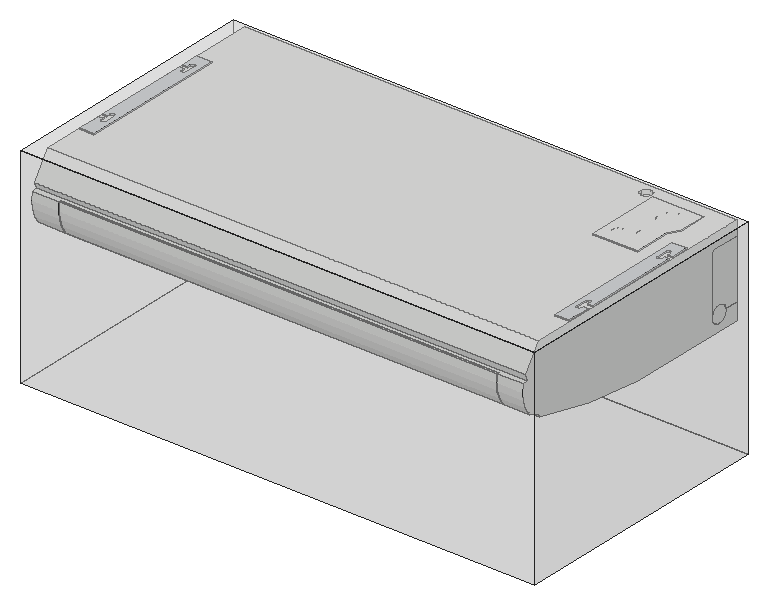
Revit family "outputfile", category 機械設備, Revit 2024
Family settings
  丸型コネクタ寸法 = 半径を使用
  パーツ タイプ = 標準
  OmniClass 番号 = 23.75.10.24.21.27.27
  OmniClass タイトル = Split System Air Conditioning Units
  作業面ベース = いいえ
  常に垂直 = はい
  ロード時にボイドで切り取り = いいえ
  注釈の向きを維持 = いいえ
  共有 = いいえ
  部屋計算ポイント = はい
Parameters (values of type "FHA71CVMV")
  Description = ""
  製造元 = "Daikin"
  書き出し IFC クラス(タイプ) = "IfcUnitaryEquipmentType"
  定義済み IFC タイプ(タイプ) = "AIRCONDITIONINGUNIT"
  Cost = 0
  モデル = "FHA71CVMV"
  Type Comments = ""
  Keynote = ""
  Type Image = (empty or 0)
  Assembly Code = ""
  switch_frequency = yes
  r_Liquid Pipe Size = Liquid Pipe Size / 2  # 4.75 mm
  r_Gas Pipe Size = Gas Pipe Size / 2  # 7.95 mm
  r_Drain Pipe Size = Drain Pipe Size / 2  # 10.0 mm
  l_powersupply [instance] = if(Rear Right Connection_powersupply, 29.0 mm, 175.0 mm)  # 29.0 mm
  h_mountinghole = 2.0 mm  # constant formula
  connector_voltage = Voltage_50Hz  # 230 V
  connector_powerinput = [Power Input (Cooling)]  # 2.300 kW
  connector_phase = Phase_50Hz  # 1
  angle_vertical_powersupply [instance] = if(Rear Right Connection_powersupply, 90.00°, 180.00°)  # 90.00°
  angle_vertical_drainpipe [instance] = if(or(Left Connection_drainpipe, Right Connection_drainpipe), 90.00°, if(Top Connection_drainpipe, 180.00°, -90.00°))  # -90.00°
  angle_horizontal_powersupply [instance] = if(Rear Right Connection_powersupply, 180.00°, 0.00°)  # 180.00°
  angle_horizontal_drainpipe [instance] = if(Right Connection_drainpipe, 90.00°, if(Left Connection_drainpipe, -90.00°, 0.00°))  # 0.00°
  Voltage_comment_60Hz = "220-230"
  Voltage_comment_50Hz = "220 - 240"
  Voltage_60Hz = 220 V
  Voltage_50Hz = 230 V
  URL = ""
  Top Connection_refrigerant [instance] = no
  Top Connection_powersupply [instance] = not(Rear Right Connection_powersupply)  # no
  Right Connection_refrigerant [instance] = no
  Rear Right Connection_refrigerant [instance] = yes
  Phase_60Hz = 1
  Phase_50Hz = 1
  Minimum Circuit Amps_60Hz = 0.0 A
  Minimum Circuit Amps_50Hz = 0.0 A
  Maximum Fuse Amps_60Hz = 0.0 A
  Maximum Fuse Amps_50Hz = 0.0 A
  Material_Casing = DAIKIN_White_Casing_indoorunit
  lw_powersupply [instance] = if(Rear Right Connection_powersupply, 220.0 mm, 210.0 mm)  # 220.0 mm
  lw_mountinghole_pitch = Width - 40.0 mm  # 1230.0 mm
  lw_mountinghole = 20.0 mm  # constant formula
  lw_liquidpipe [instance] = if(Right Connection_refrigerant, 156.0 mm, if(Top Connection_refrigerant, 156.0 mm, 136.0 mm))  # 136.0 mm
  lw_gaspipe = 105.0 mm  # constant formula
  lw_drainpipe [instance] = if(Top Connection_drainpipe, 102.0 mm, if(Width = 960.0 mm, if(or(Left Connection_drainpipe, Rear Left Connection_drainpipe), 884.0 mm, 83.0 mm), if(Width = 1270.0 mm, if(or(Left Connection_drainpipe, Rear Left Connection_drainpipe), 1194.0 mm, 83.0 mm), if(Width = 1590.0 mm, if(or(Left Connection_drainpipe, Rear Left Connection_drainpipe), 1514.0 mm, 83.0 mm), 83.0 mm))))  # 83.0 mm
  lh_powersupply = 175.0 mm  # constant formula
  lh_liquidpipe [instance] = if(Rear Right Connection_refrigerant, 160.0 mm, 131.0 mm)  # 160.0 mm
  lh_gaspipe [instance] = if(Rear Right Connection_refrigerant, 150.0 mm, 91.0 mm)  # 150.0 mm
  lh_drainpipe = 197.0 mm  # constant formula
  l_antena = 1.0 mm  # constant formula
  ld_powersupply = 30.0 mm  # constant formula
  ld_mountinghole_pitch = 260.0 mm  # constant formula
  ld_mountinghole = 210.0 mm  # constant formula
  ld_liquidpipe [instance] = if(Right Connection_refrigerant, 57.0 mm, if(Top Connection_refrigerant, 189.0 mm, 221.0 mm))  # 221.0 mm
  ld_gaspipe [instance] = if(Right Connection_refrigerant, 57.0 mm, if(Top Connection_refrigerant, 163.0 mm, 214.0 mm))  # 214.0 mm
  ld_drainpipe [instance] = if(or(Left Connection_drainpipe, Right Connection_drainpipe), 57.0 mm, if(Top Connection_drainpipe, 87.0 mm, 268.0 mm))  # 268.0 mm
  l_liquidpipe_length [instance] = if(Right Connection_refrigerant, 156.0 mm, if(Top Connection_refrigerant, 131.0 mm, 220.0 mm))  # 220.0 mm
  l_gaspipe_length [instance] = if(Right Connection_refrigerant, 105.0 mm, if(Top Connection_refrigerant, 91.0 mm, 213.0 mm))  # 213.0 mm
  l_drainpipe_length [instance] = if(Right Connection_drainpipe, 83.0 mm, if(Top Connection_drainpipe, 197.0 mm, if(Left Connection_drainpipe, 76.0 mm, 267.0 mm)))  # 267.0 mm
  h*** = 0.0 mm  # constant formula
  angle_vertical [instance] = if(Right Connection_refrigerant, 90.00°, if(Top Connection_refrigerant, 180.00°, -90.00°))  # -90.00°
  angle_horizontal [instance] = if(Right Connection_refrigerant, 90.00°, 0.00°)  # 0.00°
  Width = 1270.0 mm
  Version = "ver.1.0"
  Unit Type = "Ceiling"
  Unit Mass Weight = 32.00 kg
  Unit Designation [instance] = ""
  Uniclass2015Version = "Products v1.30"
  Uniclass2015Title = "Split coil room air conditioning units"
  Uniclass2015Code = "Pr_70_65_03_86"
  Total Cooling Capacity [instance] = 0.000 kW
  Top Connection_drainpipe [instance] = no
  Sound Pressure Level_M speed (dBA) = 36
  Sound Pressure Level_L speed (dBA) = 34
  Sound Pressure Level_H speed (dBA) = 38
  Series = "SkyAir_Fan Coil Unit"
  Sensible Cooling Capacity [instance] = 0.000 kW
  Rear Right Connection_drainpipe [instance] = yes
  Rear Right Connection_powersupply [instance] = yes
  Right Connection_drainpipe [instance] = no
  Refrigerant Type = "R32"
  Power Input (Cooling) = 2.300 kW
  Option Accessory 3 [instance] = ""
  Option Accessory 2 [instance] = ""
  Option Accessory 1 [instance] = ""
  Nominal Cooling Capacity = 7.100 kW
  Minimum Airflow = 840.00 m³/h
  Median Airflow = 1020.00 m³/h
  Maximum Airflow = 1230.00 m³/h
  Load Classification = HVAC
  Liquid Pipe Size = 9.5 mm
  Link_Nested Family [instance] = ""
  Rear Left Connection_drainpipe [instance] = no
  Left Connection_drainpipe [instance] = no
  IfcVersion = ""
  IfcExportType = "AIRCONDITIONINGUNIT"
  IfcExportAs = "IfcUnitaryEquipmentType"
  Height = 235.0 mm
  Heat Exchanger Type = "Cross Fin Coil"
  Gas Pipe Size = 15.9 mm
  Frequency_60Hz = 60 Hz
  Frequency_50Hz = 50 Hz
  Fan Type = "Sirocco Fan"
  Fan Drive = "-"
  FCU Tag No. [instance] = ""
  Drain Pipe Size = 20.0 mm
  Design Supply Airflow [instance] = 0.00 m³/h
  Design Outdoor Airflow [instance] = 0.00 m³/h
  Depth = 690.0 mm
  既定の高さ = 0.0 mm
  Cooling Entering Wet Bulb Temperature [instance] = 0.00 °C
  Cooling Entering Dry Bulb Temperature [instance] = 0.00 °C
  Cooling Ambient Wet Bulb Temperature [instance] = 0.00 °C
  Cooling Ambient Dry Bulb Temperature [instance] = 0.00 °C
  Clearance visibility [instance] = yes
  Clearance Top = 5.0 mm
  Clearance Right = 30.0 mm
  Clearance Rear = 0.0 mm
  Clearance Left = 30.0 mm
  Clearance Front = 0.0 mm
  Clearance Bottom = 300.0 mm
Reference planes
  plane 1 "Back": y = 0
  plane 2: z = 0
  plane 3 "Center (Left/Right)": x = 0
  plane 4 "Center (Front/Back)": y = -1
  plane 5 "Front": y = -690
  plane 6 "Left": x = -635
  plane 7 "Right": x = 635
  plane 8 "Top": z = 0
  plane 9 "Bottom": z = -235
  plane 10: y = -690
  plane 11: x = -665
  plane 12: x = 665
  plane 13: z = 5
  plane 14: z = -535
  plane 15: y = 0
  plane 16 "lw_mountinghole": x = -615
  plane 17 "lw_mountinghole2": x = 615
  plane 18 "ld_mountinghole": y = -210
  plane 19 "ld_mountinghole2": y = -470
  plane 20 "lw_gaspipe": x = 530
  plane 21 "ld_gaspipe": y = -214
  plane 22 "lh_gaspipe": z = -150
  plane 23 "lw_liquidpipe": x = 499
  plane 24 "ld_liquidpipe": y = -221
  plane 25 "lh_liquidpipe": z = -160
  plane 26 "ld_drainpipe": y = -268
  plane 27 "lw_drainpipe": x = 552
  plane 28 "lh_drainpipe": z = -197
  plane 29 "lw_powersupply": x = 415
  plane 30 "lh_powersupply": z = -175
  plane 31 "ld_powersupply": y = -30
  plane 32: x = -565.5
  plane 33: x = 565.5
  plane 34: x = -590
  plane 35: x = 590
  plane 36: x = -2
  plane 37: x = 2
Forms (mm)
  Extrusion 1, solid, material "DAIKIN_White_Casing_indoorunit" <- "Material_Casing"
    sketch origin (0, 0, 0) x (0, 1, 0) y (0, 0, 1)
      loop
        line (-639.277, 0) -> (-680.876, -61.699) -> (-675.026, -77.772)
        arc (-675.026, -77.772) -> (-681.815, -78.743) -> (-688.601, -79.732) r 2634.132
        arc (-688.601, -79.732) -> (-687.018, -121.096) -> (-669.159, -158.439) r 102.2
        line (-669.159, -158.439) -> (-639.858, -169.325) -> (-635.895, -178.261)
        arc (-635.895, -178.261) -> (-479.121, -215.759) -> (-319.077, -235) r 1400.997
        line (-319.077, -235) -> (-1, -235) -> (-1, 0) -> (-639.277, 0)
    from -635 to 635
  Extrusion 2, solid, material "DAIKIN_White_Casing_indoorunit" <- "Material_Casing"
    sketch origin (0, 0, 0) x (0, 1, 0) y (0, 0, 1)
      loop
        arc (-688.601, -79.732) -> (-687.018, -121.096) -> (-669.159, -158.439) r 102.2
        line (-669.159, -158.439) -> (-665.589, -154.869)
        arc (-665.589, -154.869) -> (-682.432, -118.783) -> (-683.39, -78.971) r 97.2
        arc (-683.39, -78.971) -> (-685.996, -79.351) -> (-688.601, -79.732) r 2634.132
    from -565.5 to 565.5
  Extrusion 3, void
    sketch origin (0, 0, 0) x (0, 1, 0) y (0, 0, 1)
      loop
        line (-301.098, -235) -> (-21.098, -235) -> (-21.098, -230) -> (-301.098, -230) -> (-301.098, -235)
    from -590 to 590
  Extrusion 4, solid, material "DAIKIN_White_Grille_indoorunit"
    sketch origin (0, 0, 0) x (0, 1, 0) y (0, 0, 1)
      loop
        line (-20.098, -230) -> (-301.098, -230) -> (-301.098, -235) -> (-20.098, -235) -> (-20.098, -230)
    from -590 to -2
  Extrusion 5, solid, material "DAIKIN_White_Casing_indoorunit" <- "Material_Casing"
    sketch origin (0, 0, 0) x (1, 0, 0) y (0, 0, 1)
      loop
        line (442, -63) -> (442, -178) -> (513, -220) -> (576, -220) -> (576, -63) -> (442, -63)
    from 0 to 1
  Extrusion 6, solid, material "DAIKIN_White_Casing_indoorunit" <- "Material_Casing"
    sketch origin (0, 0, 0) x (-1, 0, 0) y (0, -1, 0)
      loop
        line (-447, 35) -> (-447, 230) -> (-563, 230) -> (-563, 135) -> (-578, 105) -> (-578, 35) -> (-447, 35)
    from 0 to 1.9
  Extrusion 7, void
    sketch origin (635, 0, 0) x (0, 1, 0) y (0, 0, 1)
      loop
        arc (-79.5, -195) -> (-55.446, -217.446) -> (-34.715, -191.9) r 22.5
        line (-34.715, -191.9) -> (-1, -191.9) -> (-1, -190.1) -> (-35.04, -190.1)
        arc (-35.04, -190.1) -> (-54.942, -172.594) -> (-77.7, -186.182) r 22.5
        line (-77.7, -186.182) -> (-77.7, -43)
        arc (-77.7, -43) -> (-76.528, -40.172) -> (-73.7, -39) r 4
        line (-73.7, -39) -> (-1, -39) -> (-1, -37.2) -> (-73.7, -37.2)
        arc (-73.7, -37.2) -> (-77.801, -38.899) -> (-79.5, -43) r 5.8
        line (-79.5, -43) -> (-79.5, -195)
      loop
        circle (-57, -195) r 20.7
    from 0 to -10
  Extrusion 8, void
    sketch origin (-1444.026, -1, 1200) x (1, 0, 0) y (0, 0, 1)
      loop
        arc (875.026, -1375) -> (864.42, -1379.393) -> (860.026, -1390) r 15
        line (860.026, -1390) -> (860.026, -1400)
        arc (860.026, -1400) -> (864.42, -1410.607) -> (875.026, -1415) r 15
        line (875.026, -1415) -> (905.026, -1415)
        arc (905.026, -1415) -> (915.633, -1410.607) -> (920.026, -1400) r 15
        line (920.026, -1400) -> (920.026, -1390)
        arc (920.026, -1390) -> (915.633, -1379.393) -> (905.026, -1375) r 15
        line (905.026, -1375) -> (875.026, -1375)
    from 0 to 10
  Extrusion 9, void
    sketch origin (-635, 0, 0) x (0, 1, 0) y (0, 0, 1)
      loop
        circle (-57, -197) r 22.5
    from 0 to 10
  Extrusion 10, void
    sketch origin (-1444.026, -1, 1200) x (1, 0, 0) y (0, 0, 1)
      loop
        circle (1976.026, -1375) r 44
    from 0 to 10
  Extrusion 11, void
    sketch origin (0, 0, 0) x (-1, 0, 0) y (0, -1, 0)
      loop
        circle (-533, 87) r 30
    from 0 to -10
  Extrusion 12, void
    sketch origin (0, 0, 0) x (-1, 0, 0) y (0, -1, 0)
      loop
        circle (-530, 163) r 18
    from 0 to -10
  Extrusion 13, void
    sketch origin (0, 0, 0) x (-1, 0, 0) y (0, -1, 0)
      loop
        circle (-479, 189) r 13
    from 0 to -10
  Extrusion 14, void
    sketch origin (-1444.026, -1, 1200) x (1, 0, 0) y (0, 0, 1)
      loop
        circle (1859.026, -1375) r 14.5
    from 0 to 10
  Extrusion 15, void
    sketch origin (0, 0, 0) x (-1, 0, 0) y (0, -1, 0)
      loop
        circle (-425, 30) r 14.5
    from 0 to -10
  Extrusion 16, void
    sketch origin (635, 0, 0) x (0, 1, 0) y (0, 0, 1)
      loop
        arc (-665.589, -154.869) -> (-682.432, -118.783) -> (-683.39, -78.971) r 97.2
        arc (-683.39, -78.971) -> (-685.996, -79.351) -> (-688.601, -79.732) r 2634.132
        arc (-688.601, -79.732) -> (-687.018, -121.096) -> (-669.159, -158.439) r 102.2
        line (-669.159, -158.439) -> (-665.589, -154.869)
    from -69.5 to -1200.5
  Extrusion 17, solid, material "DAIKIN_White_Casing_indoorunit" <- "Material_Casing"
    sketch origin (-635, 0, 0) x (0, 1, 0) y (0, 0, 1)
      loop
        circle (-57, -197) r 22.5
    from 0 to 10
  Extrusion 18, solid, material "DAIKIN_White_Grille_indoorunit"
    sketch origin (780, 0, 0) x (0, 1, 0) y (0, 0, 1)
      loop
        line (-20.098, -230) -> (-301.098, -230) -> (-301.098, -235) -> (-20.098, -235) -> (-20.098, -230)
    from -782 to -778
  Extrusion 19, solid, material "DAIKIN_White_Grille_indoorunit"
    sketch origin (0, 0, 0) x (0, 1, 0) y (0, 0, -1)
      loop
        line (-20.098, 230) -> (-20.098, 235) -> (-301.098, 235) -> (-301.098, 230) -> (-20.098, 230)
    from -590 to -2
Cuts and joins
  Extrusion 3, Extrusion 7, Extrusion 8, Extrusion 9, Extrusion 10, Extrusion 11, Extrusion 12, Extrusion 13, Extrusion 14, Extrusion 15, Extrusion 16 cuts Extrusion 1
Lines and regions (mm)
  reference lines
    curve 1: line (635, -580.282, -192.75) -> (635, -551.225, -200.21)
Dimensions and locks
  equal spacing: plane 6 "Left", plane 3 "Center (Left/Right)", plane 7 "Right"
  "Width": plane 6 "Left" to plane 7 "Right"
  "Depth": plane 5 "Front" to plane 1 "Back"
  "Height": plane 8 "Top" to plane 9 "Bottom"
  "Clearance Front": plane 10 to plane 5 "Front"
  "Clearance Left": plane 11 to plane 6 "Left"
  "Clearance Right": plane 7 "Right" to plane 12
  "Clearance Top": plane 13 to plane 8 "Top"
  "Clearance Bottom": plane 9 "Bottom" to plane 14
  "Clearance Rear": plane 1 "Back" to plane 15
  locked: plane 4 "Center (Front/Back)" to plane 1 "Back" at 1
  locked: Extrusion 1 sketch curve to Extrusion 1 sketch curve at 235
  locked: Extrusion 1 sketch curve to Extrusion 1 sketch curve at 318.077
  locked: Extrusion 1 sketch curve to Extrusion 1 sketch curve at 1163.297
  locked: Extrusion 1 sketch curve to Extrusion 1 sketch curve at 231.144
  Extrusion 3 sketch curve to Extrusion 3 sketch curve to plane 1 "Back" = 280.0 mm locked, 21.098 mm locked
  "ld_mountinghole": plane 18 "ld_mountinghole" to plane 1 "Back"
  "ld_mountinghole_pitch": plane 18 "ld_mountinghole" to plane 19 "ld_mountinghole2"
  "lw_mountinghole_pitch": plane 16 "lw_mountinghole" to plane 17 "lw_mountinghole2"
  "lw_mountinghole": plane 6 "Left" to plane 16 "lw_mountinghole"
  "lw_gaspipe": plane 20 "lw_gaspipe" to plane 7 "Right"
  "ld_gaspipe": plane 1 "Back" to plane 21 "ld_gaspipe"
  "lw_liquidpipe": plane 23 "lw_liquidpipe" to plane 7 "Right"
  "ld_liquidpipe": plane 1 "Back" to plane 24 "ld_liquidpipe"
  "lw_drainpipe": plane 27 "lw_drainpipe" to plane 7 "Right"
  "ld_drainpipe": plane 26 "ld_drainpipe" to plane 1 "Back"
  plane 8 "Top" to Extrusion 5 sketch curve to Extrusion 5 sketch curve = 63.0 mm locked, 157.0 mm locked
  plane 7 "Right" to Extrusion 5 sketch curve to Extrusion 5 sketch curve = 59.0 mm locked, 134.0 mm locked
  locked: Extrusion 5 sketch curve to Extrusion 5 sketch curve at 115
  locked: Extrusion 5 sketch curve to Extrusion 5 sketch curve at 63
  locked: Extrusion 6 sketch curve to Extrusion 6 sketch curve at 195
  locked: Extrusion 6 sketch curve to Extrusion 6 sketch curve at 116
  locked: Extrusion 6 sketch curve to Extrusion 6 sketch curve at 131
  locked: Extrusion 6 sketch curve to Extrusion 6 sketch curve at 100
  locked: Extrusion 6 sketch curve to plane 1 "Back" at 35
  locked: Extrusion 6 sketch curve to plane 7 "Right" at 57
  locked: Extrusion 8 sketch curve to Extrusion 8 sketch curve at 40
  locked: Extrusion 8 sketch curve to Extrusion 8 sketch curve at 60
  locked: plane 8 "Top" to Extrusion 8 sketch curve at 175
  locked: Extrusion 8 sketch curve to plane 6 "Left" at 51
  locked: plane 7 "Right" to Extrusion 10 sketch curve at 103
  locked: plane 8 "Top" to Extrusion 10 sketch curve at 175
  locked: Extrusion 11 sketch curve to plane 1 "Back" at 87
  locked: Extrusion 11 sketch curve to plane 7 "Right" at 102
  locked: Extrusion 12 sketch curve to plane 1 "Back" at 163
  locked: Extrusion 12 sketch curve to plane 7 "Right" at 105
  locked: Extrusion 13 sketch curve to plane 1 "Back" at 189
  locked: Extrusion 13 sketch curve to plane 7 "Right" at 156
  "lw_powersupply": plane 29 "lw_powersupply" to plane 7 "Right"
  "lh_gaspipe": plane 8 "Top" to plane 22 "lh_gaspipe"
  "lh_liquidpipe": plane 8 "Top" to plane 25 "lh_liquidpipe"
  "lh_powersupply": plane 8 "Top" to plane 30 "lh_powersupply"
  "lh_drainpipe": plane 8 "Top" to plane 28 "lh_drainpipe"
  "ld_powersupply": plane 1 "Back" to plane 31 "ld_powersupply"
  locked: plane 8 "Top" to Extrusion 7 sketch curve at 195
  locked: Extrusion 7 sketch curve to plane 1 "Back" at 57
  locked: plane 9 "Bottom" to Extrusion 7 sketch curve at 43.1
  locked: Extrusion 7 sketch curve to plane 8 "Top" at 39
  locked: Extrusion 7 sketch curve to plane 1 "Back" at 79.5
  locked: Extrusion 9 sketch curve to plane 1 "Back" at 57
  locked: plane 8 "Top" to Extrusion 9 sketch curve at 197
  locked: Extrusion 17 sketch curve to plane 1 "Back" at 57
  locked: plane 8 "Top" to Extrusion 17 sketch curve at 197
  locked: plane 7 "Right" to Extrusion 14 sketch curve at 220
  locked: plane 8 "Top" to Extrusion 14 sketch curve at 175
  locked: Extrusion 15 sketch curve to plane 7 "Right" at 210
  locked: Extrusion 15 sketch curve to plane 1 "Back" at 30
  locked: curve 1 to plane 9 "Bottom" at 34.79
  locked: curve 1 to plane 9 "Bottom" at 42.25
  locked: plane 6 "Left" to plane 32 at 69.5
  locked: plane 33 to plane 7 "Right" at 69.5
  locked: plane 35 to plane 7 "Right" at 45
  locked: plane 6 "Left" to plane 34 at 45
  plane 36 to plane 3 "Center (Left/Right)" to plane 37 = 2.0 mm locked, 2.0 mm locked
  locked: curve 1 to plane 9 "Bottom" (angle 14.40°)
  aligned and locked: level to plane 2
  aligned and locked: nested 1 to plane 11
  aligned and locked: nested 1 to plane 12
  aligned and locked: nested 1 to plane 10
  aligned and locked: plane 13 to nested 1
  aligned and locked: plane 14 to nested 1
  aligned and locked: plane 15 to nested 1
  aligned and locked: Extrusion 1 sketch curve to plane 8 "Top"
  aligned and locked: Extrusion 2 sketch curve to Extrusion 1  (x2)
  aligned and locked: plane 7 "Right" to Extrusion 1
  aligned and locked: Extrusion 1 to plane 6 "Left"
  aligned and locked: cut or joined group 1 (Extrusion 1, Extrusion 3, Extrusion 7, Extrusion 8, Extrusion 9, Extrusion 10, Extrusion 11, Extrusion 12, Extrusion 13, Extrusion 14, Extrusion 15, Extrusion 16) to Extrusion 3 sketch curve
  aligned and locked: cut or joined group 1 to Extrusion 4 sketch curve
  aligned and locked: Extrusion 5 to plane 4 "Center (Front/Back)"
  aligned and locked: Extrusion 7 sketch curve to plane 4 "Center (Front/Back)"
  aligned and locked: Extrusion 16 sketch curve to Extrusion 2  (x4)
  aligned and locked: Extrusion 16 to Extrusion 2  (x2)
  aligned and locked: nested 2 to plane 26 "ld_drainpipe"
  aligned and locked: plane 27 "lw_drainpipe" to nested 2
  aligned and locked: plane 20 "lw_gaspipe" to nested 3
  aligned and locked: nested 3 to plane 21 "ld_gaspipe"
  aligned and locked: plane 23 "lw_liquidpipe" to nested 4
  aligned and locked: nested 4 to plane 24 "ld_liquidpipe"
  aligned and locked: plane 25 "lh_liquidpipe" to nested 4
  aligned and locked: nested 5 to plane 31 "ld_powersupply"
  aligned and locked: plane 29 "lw_powersupply" to nested 5
  aligned and locked: nested 7 to plane 18 "ld_mountinghole"
  aligned and locked: plane 16 "lw_mountinghole" to nested 7
  aligned and locked: nested 6 to plane 19 "ld_mountinghole2"
  aligned and locked: plane 16 "lw_mountinghole" to nested 6
  aligned and locked: nested 9 to plane 18 "ld_mountinghole"
  aligned and locked: plane 17 "lw_mountinghole2" to nested 9
  aligned and locked: plane 17 "lw_mountinghole2" to nested 8
  aligned and locked: nested 8 to plane 19 "ld_mountinghole2"
  aligned and locked: nested 10 to curve 1
  aligned and locked: level to plane 8 "Top"
  aligned and locked: cut or joined group 1 to plane 32
  aligned and locked: plane 33 to cut or joined group 1
  aligned and locked: Extrusion 16 to plane 32
  aligned and locked: plane 33 to Extrusion 16
  aligned and locked: Extrusion 4 to plane 34
  aligned and locked: cut or joined group 1 to plane 34
  aligned and locked: plane 34 to Extrusion 4  (x3)
  aligned and locked: plane 16 "lw_mountinghole" to nested 11
  aligned and locked: plane 17 "lw_mountinghole2" to nested 12
  aligned and locked: plane 36 to Extrusion 4
  aligned and locked: Extrusion 18 to plane 36
  aligned and locked: plane 37 to Extrusion 18
  aligned and locked: Extrusion 19 to plane 37
  aligned and locked: plane 37 to Extrusion 19
  aligned and locked: plane 35 to Extrusion 19
  aligned and locked: plane 35 to Extrusion 3
  aligned and locked: Extrusion 4 to cut or joined group 1
  aligned and locked: cut or joined group 1 to Extrusion 18
  aligned and locked: cut or joined group 1 to Extrusion 19
Automatic sketch dimensions
  Extrusion 1 sketch curve to plane 4 "Center (Front/Back)" = 0.0 mm
  Extrusion 1 sketch curve to plane 5 "Front" = 102.2 mm
  Extrusion 1 sketch curve to plane 30 "lh_powersupply" = 3.261 mm
  Extrusion 1 sketch curve to plane 5 "Front" = 50.723 mm
  plane 30 "lh_powersupply" to Extrusion 1 sketch curve = 5.675 mm
  Extrusion 1 sketch curve to Extrusion 1 sketch curve = 3.963 mm
  plane 25 "lh_liquidpipe" to Extrusion 1 sketch curve = 1.561 mm
  Extrusion 1 sketch curve to plane 5 "Front" = 20.841 mm
  Extrusion 1 sketch curve to plane 5 "Front" = 14.974 mm
  Extrusion 1 sketch curve to plane 5 "Front" = 9.124 mm
  Extrusion 1 sketch curve to plane 26 "ld_drainpipe" = 37.278 mm
  Extrusion 1 sketch curve to plane 14 = 2150.825 mm
  plane 22 "lh_gaspipe" to Extrusion 1 sketch curve = 53.413 mm
  Extrusion 1 sketch curve to level = 77.772 mm
  Extrusion 1 sketch curve to Extrusion 1 sketch curve = 16.072 mm
  Extrusion 2 sketch curve to Extrusion 2 sketch curve = 0.0 mm  (x2)
  plane 25 "lh_liquidpipe" to Extrusion 2 sketch curve = 1.561 mm
  Extrusion 2 sketch curve to plane 22 "lh_gaspipe" = 4.869 mm
  Extrusion 2 sketch curve to Extrusion 2 sketch curve = 3.57 mm
  Extrusion 3 sketch curve to Extrusion 3 sketch curve = 5.0 mm
  plane 31 "ld_powersupply" to Extrusion 4 sketch curve = 9.902 mm
  Extrusion 4 sketch curve to Extrusion 4 sketch curve = 5.0 mm
  Extrusion 6 sketch curve to Extrusion 6 sketch curve = 30.0 mm
  Extrusion 7 sketch curve to Extrusion 7 sketch curve = 0.0 mm  (x6)
  Extrusion 7 sketch curve to plane 4 "Center (Front/Back)" = 0.0 mm  (x2)
  Extrusion 7 sketch curve to Extrusion 7 sketch curve = 1.8 mm  (x2)
  Extrusion 7 sketch curve to Extrusion 7 sketch curve = 4.0 mm
  Extrusion 7 sketch curve to Extrusion 7 sketch curve = 0.325 mm
  Extrusion 8 sketch curve to plane 32 = 3.5 mm  (x2)
  Extrusion 8 sketch curve to plane 28 "lh_drainpipe" = 3.0 mm
  Extrusion 8 sketch curve to Extrusion 8 sketch curve = 15.0 mm
  curve 1 to plane 5 "Front" = 109.718 mm
  Extrusion 18 sketch curve to plane 9 "Bottom" = 0.0 mm
  plane 9 "Bottom" to Extrusion 18 sketch curve = 5.0 mm
  Extrusion 18 sketch curve to plane 26 "ld_drainpipe" = 33.098 mm
  plane 31 "ld_powersupply" to Extrusion 18 sketch curve = 9.902 mm
  Extrusion 19 sketch curve to plane 9 "Bottom" = 0.0 mm
  plane 9 "Bottom" to Extrusion 19 sketch curve = 5.0 mm
  Extrusion 19 sketch curve to plane 26 "ld_drainpipe" = 33.098 mm
  plane 31 "ld_powersupply" to Extrusion 19 sketch curve = 9.902 mm
  Extrusion 4 sketch curve to plane 26 "ld_drainpipe" = 33.098 mm
  radius of Extrusion 7 sketch curve = 20.7 mm
  radius of Extrusion 9 sketch curve = 22.5 mm
  radius of Extrusion 10 sketch curve = 44.0 mm
  radius of Extrusion 11 sketch curve = 30.0 mm
  radius of Extrusion 12 sketch curve = 18.0 mm
  radius of Extrusion 13 sketch curve = 13.0 mm
  radius of Extrusion 14 sketch curve = 14.5 mm
  radius of Extrusion 15 sketch curve = 14.5 mm
  radius of Extrusion 17 sketch curve = 22.5 mm
Nested families
  nested 1: "daikin_clearancespace" at (0, -345, -264.881), visible <- "Clearance visibility", show <- "Clearance visibility", Link_Nested Family <- "Link_Nested Family", type "daikin_clearancespace"
    with width 1330.0 mm, show yes, height 540.0 mm, depth 690.0 mm, Link_Nested Family ""
  nested 2: "daikin_connector_rotate3" at (552, -268, -197), radius <- "r_Drain Pipe Size", angle_vertical <- "angle_vertical_drainpipe", angle_horizontal <- "angle_horizontal_drainpipe", length <- "l_drainpipe_length", type "daikin_connector_rotate3"
    with show no, radius 10.0 mm, length 267.0 mm, angle_vertical -90.00°, angle_horizontal 0.00°
  nested 3: "daikin_connector_rotate3" at (530, -214, -150), radius <- "r_Gas Pipe Size", angle_vertical <- "angle_vertical", angle_horizontal <- "angle_horizontal", length <- "l_gaspipe_length", type "daikin_connector_rotate3"
    with show no, radius 7.95 mm, length 213.0 mm, angle_vertical -90.00°, angle_horizontal 0.00°
  nested 4: "daikin_connector_rotate3" at (499, -221, -160), radius <- "r_Liquid Pipe Size", angle_vertical <- "angle_vertical", angle_horizontal <- "angle_horizontal", length <- "l_liquidpipe_length", type "daikin_connector_rotate3"
    with show no, radius 4.75 mm, length 220.0 mm, angle_vertical -90.00°, angle_horizontal 0.00°
  nested 5: "daikin_connector_rotate3" at (415, -30, -175), length <- "l_powersupply", angle_vertical <- "angle_vertical_powersupply", angle_horizontal <- "angle_horizontal_powersupply", type "daikin_connector_rotate3"
    with show no, radius 10.0 mm, length 29.0 mm, angle_vertical 90.00°, angle_horizontal 180.00°
  nested 6: "daikin_mountinghole" at (-615, -470, 0), l_antenna <- "l_antena", Link_Nested Family <- "Link_Nested Family", h_mountinghole <- "h_mountinghole", type "daikin_mountinghole"
    with show yes, l_antenna 1.0 mm, h_mountinghole 2.0 mm, Link_Nested Family ""
  nested 7: "daikin_mountinghole" at (-615, -210, 0), l_antenna <- "l_antena", Link_Nested Family <- "Link_Nested Family", h_mountinghole <- "h_mountinghole", type "daikin_mountinghole"
    with show yes, l_antenna 1.0 mm, h_mountinghole 2.0 mm, Link_Nested Family ""
  nested 8: "daikin_mountinghole" at (615, -470, 0), l_antenna <- "l_antena", Link_Nested Family <- "Link_Nested Family", h_mountinghole <- "h_mountinghole", type "daikin_mountinghole"
    with show yes, l_antenna 1.0 mm, h_mountinghole 2.0 mm, Link_Nested Family ""
  nested 9: "daikin_mountinghole" at (615, -210, 0), Link_Nested Family <- "Link_Nested Family", l_antenna <- "l_antena", h_mountinghole <- "h_mountinghole", type "daikin_mountinghole"
    with show yes, l_antenna 1.0 mm, h_mountinghole 2.0 mm, Link_Nested Family ""
  nested 10: "daikin_logo_plane_w40" at (487.963, -559.801, -198.008) x (1, 0, 0) z (0, -0.2487, -0.9686), type "daikin_logo_plane_w40"
    with show_logo yes
  nested 11: "daikin_hangerfixture_FHA-CVMV" at (-615, 0, 0), type "daikin_hangerfixture_FHA-CVMV"
    with width 38.0 mm, height 2.0 mm, depth 380.0 mm
  nested 12: "daikin_hangerfixture_FHA-CVMV" at (615, 0, 0) x (-1, 0, 0) z (0, 0, 1), type "daikin_hangerfixture_FHA-CVMV"
    with width 38.0 mm, height 2.0 mm, depth 380.0 mm
Connectors
  piping at (552, -1, -197), diameter 20, driven by "r_Drain Pipe Size"
    settings: on nested 2, index 1, connector inside diameter 609.6 mm, connector length 0.0 mm, flow factor 0, pipe flow 0.00 m³/h, pressure drop 0.0 Pa, fitting loss kfactor 0, connector angle 0.00°, fixture units 0, engagement length 0.0 mm, angle of deflection 0.00°, flow configuration 1, flow direction 2, fitting loss method 4, system type 16, joint type 0, gender type 0, connector reference index -1, connector utility 0, adjustable connector no, is connector primary yes, connector description "Condensate Drain Piping"
  piping at (530, -1, -150), diameter 15.9, driven by "r_Gas Pipe Size"
    settings: on nested 3, index 3, connector inside diameter 609.6 mm, connector length 0.0 mm, flow factor 0, pipe flow 0.00 m³/h, pressure drop 0.0 Pa, fitting loss kfactor 0, connector angle 0.00°, fixture units 0, engagement length 0.0 mm, angle of deflection 0.00°, flow configuration 1, flow direction 2, fitting loss method 0, system type 29, joint type 0, gender type 0, connector reference index -1, connector utility 0, adjustable connector no, is connector primary no, connector description "Refrigerant Gas Piping"
  piping at (499, -1, -160), diameter 9.5, driven by "r_Liquid Pipe Size"
    settings: on nested 4, index 4, connector inside diameter 609.6 mm, connector length 0.0 mm, flow factor 0, pipe flow 0.00 m³/h, pressure drop 0.0 Pa, fitting loss kfactor 0, connector angle 0.00°, fixture units 0, engagement length 0.0 mm, angle of deflection 0.00°, flow configuration 1, flow direction 1, fitting loss method 0, system type 29, joint type 0, gender type 0, connector reference index -1, connector utility 0, adjustable connector no, is connector primary no, connector description "Refrigerant Liquid Piping"
  electrical at (415, -1, -175), driven by "Load Classification", driven by "connector_powerinput", driven by "connector_phase", driven by "connector_voltage"
    settings: on nested 5, index 6, voltage 230 V, apparent load 2300 VA, apparent load phase1 0 VA, apparent load phase2 0 VA, apparent load phase3 0 VA, power factor 1, load classification "HVAC", number of poles 1, system type 30, power factor state 1, is connector primary yes, connector utility no, sub classification motor no, connector description "Power Supply"
Definition of nested family "daikin_clearancespace"
  Parameters (values of type "daikin_clearancespace")
    Description = "daikin_clearancespace"
    width [instance] = 1823.963 mm
    show [instance] = yes
    material = none
    height [instance] = 1359.762 mm
    depth [instance] = 880.0 mm
    Default Elevation = 0.0 mm
    Link_Nested Family [instance] = ""
  Reference planes
    plane 1 "Center (Front/Back)": y = 0
    plane 2 "Center (Elevation)": z = -0.119
    plane 3 "Center (Left/Right)": x = 0
    plane 4: y = 440
    plane 5: y = -440
    plane 6 "Right": x = 911.982
    plane 7 "Left": x = -911.982
    plane 8 "Top": z = 679.762
    plane 9 "Bottom": z = -680
  Forms (mm)
    Extrusion 1, solid, material <- "material", visible <- "show"
      sketch origin (0, 0, 0) x (1, 0, 0) y (0, 1, 0)
        loop
          line (-911.982, 440) -> (-911.982, -440) -> (911.982, -440) -> (911.982, 440) -> (-911.982, 440)
      from -680 to 679.762
  Lines and regions (mm)
    symbolic lines, visible <- "show"
      curve 1: line (911.982, 440, 0) -> (-911.982, 440, 0)
      curve 2: line (-911.982, 440, 0) -> (-911.982, -440, 0)
      curve 3: line (-911.982, -440, 0) -> (911.982, -440, 0)
      curve 4: line (911.982, -440, 0) -> (911.982, 440, 0)
      curve 5: line (911.982, 0, 679.762) -> (-911.982, 0, 679.762)
      curve 6: line (911.982, 0, -680) -> (911.982, 0, 679.762)
      curve 7: line (-911.982, 0, -680) -> (911.982, 0, -680)
      curve 8: line (-911.982, 0, 679.762) -> (-911.982, 0, -680)
      curve 9: line (0, 440, 679.762) -> (0, -440, 679.762)
      curve 10: line (0, -440, 679.762) -> (0, -440, -680)
      curve 11: line (0, 440, -680) -> (0, 440, 679.762)
      curve 12: line (0, -440, -680) -> (0, 440, -680)
  Dimensions and locks
    "width": plane 7 "Left" to plane 6 "Right"
    "depth": plane 4 to plane 5
    "height": plane 8 "Top" to plane 9 "Bottom"
    equal spacing: plane 7 "Left", plane 3 "Center (Left/Right)", plane 6 "Right"
    equal spacing: plane 4, plane 1 "Center (Front/Back)", plane 5
    equal spacing: plane 8 "Top", plane 2 "Center (Elevation)", plane 9 "Bottom"
    aligned and locked: level to plane 2 "Center (Elevation)"
    aligned and locked: Extrusion 1 sketch curve to plane 4
    aligned and locked: plane 7 "Left" to Extrusion 1 sketch curve
    aligned and locked: Extrusion 1 sketch curve to plane 5
    aligned and locked: Extrusion 1 sketch curve to plane 6 "Right"
    aligned and locked: plane 8 "Top" to Extrusion 1
    aligned and locked: curve 1 to Extrusion 1
    aligned and locked: curve 2 to Extrusion 1
    aligned and locked: curve 3 to Extrusion 1
    aligned and locked: curve 4 to Extrusion 1
    aligned and locked: curve 5 to Extrusion 1
    aligned and locked: curve 6 to Extrusion 1
    aligned and locked: curve 7 to Extrusion 1
    aligned and locked: curve 8 to Extrusion 1
    aligned and locked: curve 9 to Extrusion 1
    aligned and locked: curve 10 to Extrusion 1
    aligned and locked: curve 11 to Extrusion 1
    aligned and locked: curve 12 to Extrusion 1
    aligned and locked: Extrusion 1 to plane 9 "Bottom"
Definition of nested family "daikin_logo_plane_w40"
  Parameters (values of type "daikin_logo_plane_w40")
    width = 40.0 mm
    show_logo [instance] = yes
    material = none
    height = 0.0 mm
    depth = 0.0 mm
    Default Elevation = 1219.2 mm
  Reference planes
    plane 1 "Center (Front/Back)": y = 0
    plane 2: z = 0
    plane 3 "Center (Left/Right)": x = 0
    plane 4: z = 2
    plane 5 "left": x = -19
    plane 6: x = 19
  Forms (mm)
    Extrusion 1, solid, visible <- "show_logo"
      sketch origin (-19, 0, 0) x (1, 0, 0) y (0, 1, 0)
        loop
          line (8.902, -1.878) -> (7.789, -6.332) -> (11.13, -6.332)
          arc (11.13, -6.332) -> (12.454, -6.064) -> (13.472, -5.176) r 2.642
          arc (13.472, -5.176) -> (13.92, -4.02) -> (13.767, -2.79) r 2.537
          arc (13.767, -2.79) -> (13.452, -2.342) -> (12.982, -2.06) r 1.321
          arc (12.982, -2.06) -> (12.063, -1.902) -> (11.13, -1.878) r 6.479
          line (11.13, -1.878) -> (8.902, -1.878)
        loop
          line (10.016, -5.441) -> (10.907, -5.441)
          arc (10.907, -5.441) -> (11.591, -4.983) -> (11.988, -4.261) r 1.742
          spline (11.988, -4.261) -> (12.01, -4.155) -> (12.027, -4.03) -> (12.037, -3.893) -> (12.037, -3.747) -> (12.026, -3.598) -> (12.002, -3.451) -> (11.962, -3.31) -> (11.905, -3.181) -> (11.829, -3.069) -> (11.731, -2.978) -> (11.61, -2.913) -> (11.464, -2.88)
          line (11.464, -2.88) -> (10.573, -2.88) -> (10.016, -5.441)
        loop
          line (13.58, -6.332) -> (14.805, -6.332) -> (15.223, -5.553) -> (16.977, -5.553) -> (17.144, -6.332) -> (19.149, -6.332) -> (18.258, -1.878) -> (16.03, -1.878) -> (13.58, -6.332)
        loop
          line (16.476, -3.214) -> (15.76, -4.551) -> (16.762, -4.551) -> (16.476, -3.214)
        loop
          line (19.705, -6.332) -> (21.599, -6.332) -> (22.712, -1.878) -> (20.819, -1.878) -> (19.705, -6.332)
        loop
          line (22.712, -6.332) -> (24.606, -6.332) -> (24.908, -5.122) -> (25.831, -6.332) -> (28.17, -6.332) -> (26.388, -3.994) -> (28.949, -1.878) -> (26.945, -1.878) -> (25.401, -3.153) -> (25.719, -1.878) -> (23.826, -1.878) -> (22.712, -6.332)
        loop
          line (29.84, -1.878) -> (28.615, -6.332) -> (30.62, -6.332) -> (31.734, -1.878) -> (29.84, -1.878)
        loop
          line (31.734, -6.332) -> (33.07, -6.332) -> (33.7, -3.814) -> (34.518, -6.332) -> (36.745, -6.332) -> (37.859, -1.878) -> (36.523, -1.878) -> (35.845, -4.589) -> (34.963, -1.878) -> (32.847, -1.878) -> (31.734, -6.332)
      from 0 to 2
    Extrusion 2, solid, visible <- "show_logo"
      sketch origin (-19, 0, 0) x (1, 0, 0) y (0, 1, 0)
        loop
          line (8.7, 0) -> (4.235, 0) -> (0, -3.879) -> (0, -8) -> (8.7, 0)
      from 0 to 2
    Extrusion 3, solid, visible <- "show_logo"
      sketch origin (-19, 0, 0) x (1, 0, 0) y (0, 1, 0)
        loop
          line (0, 0) -> (0, -3.879) -> (4.235, 0) -> (0, 0)
      from 0 to 2
  Dimensions and locks
    plane 4 to plane 2 = 2.0 mm
    equal spacing: plane 5 "left", plane 3 "Center (Left/Right)", plane 6
    locked: plane 5 "left" to plane 6 at 38
    aligned and locked: level to plane 2
    aligned and locked: Extrusion 3 to plane 1 "Center (Front/Back)"  (x2)
    aligned and locked: Extrusion 2 to plane 1 "Center (Front/Back)"  (x2)
    aligned and locked: plane 4 to Extrusion 1
    aligned and locked: plane 4 to Extrusion 3
    aligned and locked: plane 4 to Extrusion 2
    aligned and locked: Extrusion 3 to plane 5 "left"
    aligned and locked: Extrusion 2 to plane 5 "left"
  Automatic sketch dimensions
    Extrusion 1 sketch curve to Extrusion 1 sketch curve = 0.901 mm
    Extrusion 1 sketch curve to Extrusion 1 sketch curve = 1.559 mm
    Extrusion 1 sketch curve to Extrusion 1 sketch curve = 1.327 mm
    Extrusion 1 sketch curve to Extrusion 1 sketch curve = 2.145 mm
    Extrusion 1 sketch curve to Extrusion 1 sketch curve = 1.448 mm
    Extrusion 1 sketch curve to Extrusion 1 sketch curve = 2.116 mm
    Extrusion 1 sketch curve to Extrusion 1 sketch curve = 1.114 mm  (x4)
    Extrusion 1 sketch curve to Extrusion 1 sketch curve = 1.336 mm  (x2)
    plane 1 "Center (Front/Back)" to Extrusion 1 sketch curve = 1.878 mm  (x5)
    Extrusion 1 sketch curve to Extrusion 1 sketch curve = 1.893 mm  (x5)
    Extrusion 1 sketch curve to Extrusion 1 sketch curve = 0.891 mm  (x4)
    Extrusion 1 sketch curve to Extrusion 1 sketch curve = 2.005 mm  (x3)
    Extrusion 1 sketch curve to Extrusion 1 sketch curve = 0.445 mm  (x2)
    plane 1 "Center (Front/Back)" to Extrusion 1 sketch curve = 3.994 mm
    Extrusion 1 sketch curve to Extrusion 1 sketch curve = 0.557 mm  (x2)
    Extrusion 1 sketch curve to Extrusion 1 sketch curve = 2.339 mm  (x2)
    Extrusion 1 sketch curve to Extrusion 1 sketch curve = 1.225 mm  (x3)
    plane 1 "Center (Front/Back)" to Extrusion 1 sketch curve = 3.153 mm
    Extrusion 1 sketch curve to Extrusion 1 sketch curve = 0.987 mm
    plane 1 "Center (Front/Back)" to Extrusion 1 sketch curve = 5.122 mm
    Extrusion 1 sketch curve to Extrusion 1 sketch curve = 0.922 mm
    plane 1 "Center (Front/Back)" to Extrusion 1 sketch curve = 6.332 mm
    Extrusion 1 sketch curve to Extrusion 1 sketch curve = 2.562 mm
    plane 1 "Center (Front/Back)" to Extrusion 1 sketch curve = 5.553 mm
    Extrusion 1 sketch curve to Extrusion 1 sketch curve = 0.167 mm
    Extrusion 1 sketch curve to Extrusion 1 sketch curve = 0.215 mm
    plane 1 "Center (Front/Back)" to Extrusion 1 sketch curve = 3.214 mm
    Extrusion 1 sketch curve to Extrusion 1 sketch curve = 0.286 mm
    plane 1 "Center (Front/Back)" to Extrusion 1 sketch curve = 4.551 mm
    Extrusion 1 sketch curve to Extrusion 1 sketch curve = 1.002 mm
    Extrusion 1 sketch curve to Extrusion 1 sketch curve = 0.537 mm
    Extrusion 1 sketch curve to Extrusion 1 sketch curve = 0.418 mm
    Extrusion 1 sketch curve to Extrusion 1 sketch curve = 1.028 mm
    plane 1 "Center (Front/Back)" to Extrusion 1 sketch curve = 4.261 mm
    Extrusion 1 sketch curve to Extrusion 1 sketch curve = 0.563 mm
    plane 1 "Center (Front/Back)" to Extrusion 1 sketch curve = 2.88 mm
    Extrusion 1 sketch curve to Extrusion 1 sketch curve = 1.088 mm
    Extrusion 1 sketch curve to Extrusion 1 sketch curve = 2.152 mm
    Extrusion 1 sketch curve to Extrusion 1 sketch curve = 0.586 mm
    Extrusion 1 sketch curve to Extrusion 1 sketch curve = 0.118 mm
    Extrusion 1 sketch curve to Extrusion 1 sketch curve = 0.298 mm
    Extrusion 1 sketch curve to Extrusion 1 sketch curve = 0.334 mm
    Extrusion 1 sketch curve to Extrusion 1 sketch curve = 0.223 mm
    Extrusion 1 sketch curve to Extrusion 1 sketch curve = 0.266 mm
    Extrusion 1 sketch curve to Extrusion 1 sketch curve = 1.671 mm
    Extrusion 1 sketch curve to Extrusion 1 sketch curve = 2.227 mm
    Extrusion 1 sketch curve to Extrusion 1 sketch curve = 0.0 mm  (x7)
    Extrusion 1 sketch curve to Extrusion 1 sketch curve = 3.453 mm
    Extrusion 1 sketch curve to Extrusion 1 sketch curve = 2.017 mm
    Extrusion 1 sketch curve to Extrusion 1 sketch curve = 0.78 mm  (x2)
    Extrusion 1 sketch curve to Extrusion 1 sketch curve = 1.743 mm
    Extrusion 1 sketch curve to Extrusion 1 sketch curve = 0.775 mm
    Extrusion 1 sketch curve to Extrusion 1 sketch curve = 0.552 mm
    Extrusion 1 sketch curve to Extrusion 1 sketch curve = 0.014 mm
    Extrusion 1 sketch curve to Extrusion 1 sketch curve = 0.952 mm
    Extrusion 1 sketch curve to Extrusion 1 sketch curve = 1.215 mm
    Extrusion 1 sketch curve to Extrusion 1 sketch curve = 0.108 mm
    plane 1 "Center (Front/Back)" to Extrusion 2 sketch curve = 0.0 mm
    Extrusion 2 sketch curve to plane 3 "Center (Left/Right)" = 19.0 mm
    Extrusion 2 sketch curve to plane 3 "Center (Left/Right)" = 14.765 mm
    Extrusion 2 sketch curve to Extrusion 2 sketch curve = 4.465 mm
    plane 1 "Center (Front/Back)" to Extrusion 2 sketch curve = 3.879 mm
    Extrusion 2 sketch curve to Extrusion 2 sketch curve = 4.12 mm
    plane 1 "Center (Front/Back)" to Extrusion 3 sketch curve = 0.0 mm
    Extrusion 3 sketch curve to plane 3 "Center (Left/Right)" = 19.0 mm
    Extrusion 3 sketch curve to plane 3 "Center (Left/Right)" = 14.765 mm
    plane 1 "Center (Front/Back)" to Extrusion 3 sketch curve = 3.879 mm
    Extrusion 1 sketch curve to plane 3 "Center (Left/Right)" = 11.211 mm
    Extrusion 1 sketch curve to Extrusion 1 sketch curve = 1.782 mm
Definition of nested family "daikin_hangerfixture_FHA-CVMV"
  Parameters (values of type "daikin_hangerfixture_FHA-CV2S")
    width = 44.0 mm
    material = none
    height = 155.0 mm
    depth = 33.0 mm
    Default Elevation = 0.0 mm
  Reference planes
    plane 1 "Center (Front/Back)": y = 0
    plane 2: z = 0
    plane 3 "Center (Left/Right)": x = 0
    plane 4: z = -2.3
    plane 5: z = -155
    plane 6: z = -12
  Forms (mm)
    Extrusion 1, solid
      sketch origin (0, 0, 0) x (1, 0, 0) y (0, 1, 0)
        loop
          line (20, -159) -> (-18, -159) -> (-18, -204) -> (-6, -204) -> (-6, -196)
          arc (-6, -196) -> (0, -190) -> (6, -196) r 6
          line (6, -196) -> (6, -224)
          arc (6, -224) -> (0, -230) -> (-6, -224) r 6
          line (-6, -224) -> (-6, -216) -> (-18, -216) -> (-18, -464) -> (-6, -464) -> (-6, -456)
          arc (-6, -456) -> (0, -450) -> (6, -456) r 6
          line (6, -456) -> (6, -484)
          arc (6, -484) -> (0, -490) -> (-6, -484) r 6
          line (-6, -484) -> (-6, -476) -> (-18, -476) -> (-18, -539) -> (20, -539) -> (20, -159)
      from 0 to 2
  Dimensions and locks
    plane 2 to plane 4 = 2.3 mm
    "height": plane 2 to plane 5
    locked: plane 2 to plane 6 at 12
    aligned and locked: level to plane 2
  Automatic sketch dimensions
    plane 3 "Center (Left/Right)" to Extrusion 1 sketch curve = 20.0 mm
    plane 1 "Center (Front/Back)" to Extrusion 1 sketch curve = 159.0 mm
    Extrusion 1 sketch curve to plane 3 "Center (Left/Right)" = 18.0 mm
    Extrusion 1 sketch curve to Extrusion 1 sketch curve = 380.0 mm
    Extrusion 1 sketch curve to Extrusion 1 sketch curve = 63.0 mm
    Extrusion 1 sketch curve to plane 3 "Center (Left/Right)" = 0.0 mm  (x4)
    plane 3 "Center (Left/Right)" to Extrusion 1 sketch curve = 6.0 mm
    Extrusion 1 sketch curve to Extrusion 1 sketch curve = 8.0 mm  (x4)
    Extrusion 1 sketch curve to Extrusion 1 sketch curve = 20.0 mm  (x2)
    Extrusion 1 sketch curve to Extrusion 1 sketch curve = 0.0 mm  (x2)
    Extrusion 1 sketch curve to Extrusion 1 sketch curve = 57.0 mm
    Extrusion 1 sketch curve to plane 3 "Center (Left/Right)" = 6.0 mm
Definition of nested family "daikin_connector_rotate3"
  Parameters (values of type "daikin_connector_rotate3")
    show [instance] = yes
    radius [instance] = 10.0 mm
    length [instance] = 600.0 mm
    angle_horizontal [instance] = 60.00°
    angle_vertical [instance] = 90.00°
    Default Elevation = 1219.2 mm
  Reference planes
    plane 1 "Center (Front/Back)": y = 0
    plane 2: z = 0
    plane 3 "Center (Left/Right)": x = 0
  Dimensions and locks
    "angle_horizontal": angle plane 3 "Center (Left/Right)" to nested 1
    aligned and locked: level to plane 2
    aligned and locked: plane 1 "Center (Front/Back)" to nested 1  (x2)
    aligned and locked: plane 3 "Center (Left/Right)" to nested 1
  Nested families
    nested 1: "daikin_connector_rotate2" at (0, 0, 0) x (0.5, 0.866, 0) z (0, 0, 1), angle_vertical <- "angle_vertical", length <- "length", radius <- "radius", type "daikin_connector_rotate2"
      with radius 10.0 mm, length 600.0 mm, angle_vertical 90.00°
  Definition of nested family "daikin_connector_rotate2"
    Parameters (values of type "daikin_connector_rotate2")
      show_face = yes
      radius [instance] = 10.0 mm
      length [instance] = 600.0 mm
      d_surface = 10.0 mm
      angle_vertical [instance] = 90.00°
      Default Elevation = 0.0 mm
    Reference planes
      plane 1 "Center (Front/Back)": y = 0
      plane 2: z = 0
      plane 3 "Center (Left/Right)": x = 0
    Forms (mm)
      Extrusion 1, solid, visible <- "show_face"
        sketch origin (0, -600, 0) x (1, 0, 0) y (0, 0, 1)
          loop
            circle (0, 0) r 10
        from 0 to -10
    Lines and regions (mm)
      reference lines
        curve 1: line (0, 0, 0) -> (0, -600, 0)
      symbolic lines
        curve 2: circle (0, 0, 0) r 5 normal (0, 0, 1)
      model lines, visible <- "show_face"
        curve 3: line (0, 0, 0) -> (0, -600, 0)
    Dimensions and locks
      "length": curve 1 to curve 1
      "length": curve 3 to curve 3
      "d_surface": Extrusion 1 to Extrusion 1
      "radius": radius of Extrusion 1 sketch curve
      "angle_vertical": angle curve 1 to plane 1 "Center (Front/Back)"
      "angle_vertical": angle curve 3 to plane 1 "Center (Front/Back)"
      aligned and locked: level to plane 2
      aligned and locked: plane 1 "Center (Front/Back)" to curve 1
      aligned and locked: plane 2 to curve 1
      aligned and locked: plane 1 "Center (Front/Back)" to curve 2
      aligned and locked: plane 3 "Center (Left/Right)" to curve 2
      aligned and locked: plane 1 "Center (Front/Back)" to curve 3
      aligned and locked: plane 2 to curve 3
      aligned and locked: Extrusion 1 to Extrusion 1
    Automatic sketch dimensions
      Extrusion 1 sketch curve to level = 0.0 mm
      Extrusion 1 sketch curve to plane 3 "Center (Left/Right)" = 0.0 mm
      radius of curve 2 = 5.0 mm
Definition of nested family "daikin_mountinghole"
  Parameters (values of type "daikin_mountinghole")
    Default Elevation = 1219.2 mm
    Type Comments = "mountinghole"
    show [instance] = yes
    material = none
    l_centerline = 100.0 mm
    l_antenna [instance] = 100.0 mm
    h_mountinghole [instance] = 0.0 mm
    d_circle = 30.0 mm
    Link_Nested Family [instance] = ""
  Reference planes
    plane 1 "Center (Front/Back)": y = 0
    plane 2: z = 0
    plane 3 "Center (Left/Right)": x = 0
    plane 4: y = 50
    plane 5: x = -50
    plane 6: x = 50
    plane 7: y = -50
    plane 8 "h_mountinghole": z = 0
    plane 9: z = 100
  Lines and regions (mm)
    model lines, detail levels fine
      curve 1: circle (0, 0, 0) r 15 normal (0, 0, 1)
      curve 2: line (-50, 0, 0) -> (50, 0, 0)
      curve 3: line (0, 50, 0) -> (0, -50, 0)
    symbolic lines, detail levels fine
      curve 4: circle (0, 0, 0) r 15 normal (0, 0, 1)
      curve 5: line (-50, 0, 0) -> (50, 0, 0)
      curve 6: line (0, 50, 0) -> (0, -50, 0)
    model lines
      curve 7: line (0, 0, 100) -> (0, 0, 0)
  Dimensions and locks
    equal spacing: plane 4, plane 1 "Center (Front/Back)", plane 7
    "l_centerline": plane 4 to plane 7
    equal spacing: plane 5, plane 3 "Center (Left/Right)", plane 6
    "l_centerline": plane 5 to plane 6
    "l_antenna": plane 9 to plane 8 "h_mountinghole"
    "h_mountinghole": plane 8 "h_mountinghole" to plane 2
    "d_circle": diameter of curve 1
    "d_circle": diameter of curve 4
    aligned and locked: level to plane 2
    aligned and locked: plane 1 "Center (Front/Back)" to curve 1
    aligned and locked: plane 3 "Center (Left/Right)" to curve 1
    aligned and locked: plane 1 "Center (Front/Back)" to curve 2
    aligned and locked: curve 3 to plane 3 "Center (Left/Right)"
    aligned and locked: plane 6 to curve 2
    aligned and locked: plane 5 to curve 2
    aligned and locked: plane 4 to curve 3
    aligned and locked: plane 7 to curve 3
    aligned and locked: plane 1 "Center (Front/Back)" to curve 4
    aligned and locked: plane 3 "Center (Left/Right)" to curve 4
    aligned and locked: plane 6 to curve 5
    aligned and locked: plane 5 to curve 5
    aligned and locked: plane 1 "Center (Front/Back)" to curve 5
    aligned and locked: plane 4 to curve 6
    aligned and locked: plane 7 to curve 6
    aligned and locked: curve 6 to plane 3 "Center (Left/Right)"
    aligned and locked: curve 7 to plane 3 "Center (Left/Right)"
    aligned and locked: plane 9 to curve 7
    aligned and locked: plane 8 "h_mountinghole" to curve 7
